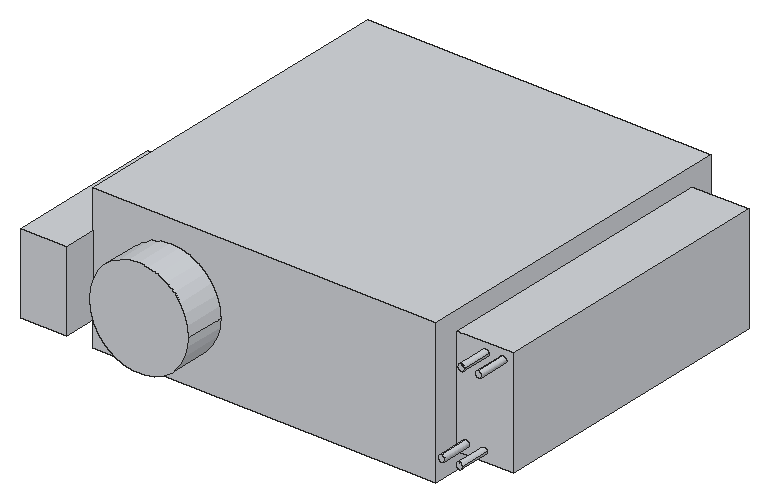
Revit family "ESTS-DOAS", category Mechanical Equipment, Revit 2018 (continued)
Types (364): name | Second Pipe H | Row F | Induction D | Induct Filter D | Induct Center D | Induct Center C | Inlet Left | Inlet Right | Filter RH | Filter LH | Discharge Height "Y" | Discharge Width "X" | Width | URL | Radius | Model | Length | Height | Duct Inlet | Diameter | Description | Connector for 6ROW RS | Connector for 6ROW LS | Connect Length | Connect H
  ESTS/DOAS 1/2-hp - 06R W/6ROW & Filter | 4 1/8" | 8" | 33" | 33 3/4" | 20" | 9" | no | yes | no | yes | 12" | 14" | 40" | "https://www.anemostat-hvac.com" | 2 15/16" | "ESTS/DOAS" | 40" | 18" | 2 31/32" | 5 7/8" | "DOAS SERIES FAN POWERED AIR TERMINAL" | no | yes | 4 1/2" | 1 7/16"
  ESTS/DOAS 1/2-hp - 06R W/4ROW NO Filter | 2 1/8" | 6" | 33" | 33 3/4" | 20" | 9" | no | yes | no | no | 12" | 14" | 40" | "https://www.anemostat-hvac.com" | 2 15/16" | "ESTS/DOAS" | 40" | 18" | 2 31/32" | 5 7/8" | "DOAS SERIES FAN POWERED AIR TERMINAL" | no | no | 4 1/2" | 1 7/16"
  ESTS/DOAS 1/2-hp - 06R W/6ROW NO Filter | 4 1/8" | 8" | 33" | 33 3/4" | 20" | 9" | no | yes | no | no | 12" | 14" | 40" | "https://www.anemostat-hvac.com" | 2 15/16" | "ESTS/DOAS" | 40" | 18" | 2 31/32" | 5 7/8" | "DOAS SERIES FAN POWERED AIR TERMINAL" | no | yes | 4 1/2" | 1 7/16"
  ESTS/DOAS 1/2-hp - 07L W/4ROW & Filter | 2 1/8" | 6" | 33" | 33 3/4" | 20" | 9" | yes | no | yes | no | 12" | 14" | 40" | "https://www.anemostat-hvac.com" | 3 7/16" | "ESTS/DOAS" | 40" | 18" | 3 15/32" | 6 7/8" | "DOAS SERIES FAN POWERED AIR TERMINAL" | no | no | 4 1/2" | 1 7/16"
  ESTS/DOAS 1/2-hp - 07L W/6ROW & Filter | 4 1/8" | 8" | 33" | 33 3/4" | 20" | 9" | yes | no | yes | no | 12" | 14" | 40" | "https://www.anemostat-hvac.com" | 3 7/16" | "ESTS/DOAS" | 40" | 18" | 3 15/32" | 6 7/8" | "DOAS SERIES FAN POWERED AIR TERMINAL" | yes | no | 4 1/2" | 1 7/16"
  ESTS/DOAS 1/2-hp - 07L W/4ROW NO Filter | 2 1/8" | 6" | 33" | 33 3/4" | 20" | 9" | yes | no | no | no | 12" | 14" | 40" | "https://www.anemostat-hvac.com" | 3 7/16" | "ESTS/DOAS" | 40" | 18" | 3 15/32" | 6 7/8" | "DOAS SERIES FAN POWERED AIR TERMINAL" | no | no | 4 1/2" | 1 7/16"
  ESTS/DOAS 1/2-hp - 07L W/6ROW NO Filter | 4 1/8" | 8" | 33" | 33 3/4" | 20" | 9" | yes | no | no | no | 12" | 14" | 40" | "https://www.anemostat-hvac.com" | 3 7/16" | "ESTS/DOAS" | 40" | 18" | 3 15/32" | 6 7/8" | "DOAS SERIES FAN POWERED AIR TERMINAL" | yes | no | 4 1/2" | 1 7/16"
  ESTS/DOAS 1/2-hp - 07R W/4ROW & Filter | 2 1/8" | 6" | 33" | 33 3/4" | 20" | 9" | no | yes | no | yes | 12" | 14" | 40" | "https://www.anemostat-hvac.com" | 3 7/16" | "ESTS/DOAS" | 40" | 18" | 3 15/32" | 6 7/8" | "DOAS SERIES FAN POWERED AIR TERMINAL" | no | no | 4 1/2" | 1 7/16"
  ESTS/DOAS 1/2-hp - 07R W/6ROW & Filter | 4 1/8" | 8" | 33" | 33 3/4" | 20" | 9" | no | yes | no | yes | 12" | 14" | 40" | "https://www.anemostat-hvac.com" | 3 7/16" | "ESTS/DOAS" | 40" | 18" | 3 15/32" | 6 7/8" | "DOAS SERIES FAN POWERED AIR TERMINAL" | no | yes | 4 1/2" | 1 7/16"
  ESTS/DOAS 1/2-hp - 07R W/4ROW NO Filter | 2 1/8" | 6" | 33" | 33 3/4" | 20" | 9" | no | yes | no | no | 12" | 14" | 40" | "https://www.anemostat-hvac.com" | 3 7/16" | "ESTS/DOAS" | 40" | 18" | 3 15/32" | 6 7/8" | "DOAS SERIES FAN POWERED AIR TERMINAL" | no | no | 4 1/2" | 1 7/16"
  ESTS/DOAS 1/2-hp - 07R W/6ROW NO Filter | 4 1/8" | 8" | 33" | 33 3/4" | 20" | 9" | no | yes | no | no | 12" | 14" | 40" | "https://www.anemostat-hvac.com" | 3 7/16" | "ESTS/DOAS" | 40" | 18" | 3 15/32" | 6 7/8" | "DOAS SERIES FAN POWERED AIR TERMINAL" | no | yes | 4 1/2" | 1 7/16"
  ESTS/DOAS 1/2-hp - 08L W/4ROW & Filter | 2 1/8" | 6" | 33" | 33 3/4" | 20" | 9" | yes | no | yes | no | 12" | 14" | 40" | "https://www.anemostat-hvac.com" | 3 15/16" | "ESTS/DOAS" | 40" | 18" | 3 31/32" | 7 7/8" | "DOAS SERIES FAN POWERED AIR TERMINAL" | no | no | 4 1/2" | 1 7/16"
  ESTS/DOAS 1/2-hp - 08L W/6ROW & Filter | 4 1/8" | 8" | 33" | 33 3/4" | 20" | 9" | yes | no | yes | no | 12" | 14" | 40" | "https://www.anemostat-hvac.com" | 3 15/16" | "ESTS/DOAS" | 40" | 18" | 3 31/32" | 7 7/8" | "DOAS SERIES FAN POWERED AIR TERMINAL" | yes | no | 4 1/2" | 1 7/16"
  ESTS/DOAS 1/2-hp - 08L W/4ROW NO Filter | 2 1/8" | 6" | 33" | 33 3/4" | 20" | 9" | yes | no | no | no | 12" | 14" | 40" | "https://www.anemostat-hvac.com" | 3 15/16" | "ESTS/DOAS" | 40" | 18" | 3 31/32" | 7 7/8" | "DOAS SERIES FAN POWERED AIR TERMINAL" | no | no | 4 1/2" | 1 7/16"
  ESTS/DOAS 1/2-hp - 08L W/6ROW NO Filter | 4 1/8" | 8" | 33" | 33 3/4" | 20" | 9" | yes | no | no | no | 12" | 14" | 40" | "https://www.anemostat-hvac.com" | 3 15/16" | "ESTS/DOAS" | 40" | 18" | 3 31/32" | 7 7/8" | "DOAS SERIES FAN POWERED AIR TERMINAL" | yes | no | 4 1/2" | 1 7/16"
  ESTS/DOAS 1/2-hp - 08R W/4ROW & Filter | 2 1/8" | 6" | 33" | 33 3/4" | 20" | 9" | no | yes | no | yes | 12" | 14" | 40" | "https://www.anemostat-hvac.com" | 3 15/16" | "ESTS/DOAS" | 40" | 18" | 3 31/32" | 7 7/8" | "DOAS SERIES FAN POWERED AIR TERMINAL" | no | no | 4 1/2" | 1 7/16"
  ESTS/DOAS 1/2-hp - 08R W/6ROW & Filter | 4 1/8" | 8" | 33" | 33 3/4" | 20" | 9" | no | yes | no | yes | 12" | 14" | 40" | "https://www.anemostat-hvac.com" | 3 15/16" | "ESTS/DOAS" | 40" | 18" | 3 31/32" | 7 7/8" | "DOAS SERIES FAN POWERED AIR TERMINAL" | no | yes | 4 1/2" | 1 7/16"
  ESTS/DOAS 1/2-hp - 08R W/4ROW NO Filter | 2 1/8" | 6" | 33" | 33 3/4" | 20" | 9" | no | yes | no | no | 12" | 14" | 40" | "https://www.anemostat-hvac.com" | 3 15/16" | "ESTS/DOAS" | 40" | 18" | 3 31/32" | 7 7/8" | "DOAS SERIES FAN POWERED AIR TERMINAL" | no | no | 4 1/2" | 1 7/16"
  ESTS/DOAS 1/2-hp - 08R W/6ROW NO Filter | 4 1/8" | 8" | 33" | 33 3/4" | 20" | 9" | no | yes | no | no | 12" | 14" | 40" | "https://www.anemostat-hvac.com" | 3 15/16" | "ESTS/DOAS" | 40" | 18" | 3 31/32" | 7 7/8" | "DOAS SERIES FAN POWERED AIR TERMINAL" | no | no | 4 1/2" | 1 7/16"
  ESTS/DOAS 1/2-hp - 09L W/4ROW & Filter | 2 1/8" | 6" | 33" | 33 3/4" | 20" | 9" | yes | no | yes | no | 12" | 14" | 40" | "https://www.anemostat-hvac.com" | 4 7/16" | "ESTS/DOAS" | 40" | 18" | 4 15/32" | 8 7/8" | "DOAS SERIES FAN POWERED AIR TERMINAL" | no | no | 4 1/2" | 1 7/16"
  ESTS/DOAS 1/2-hp - 09L W/6ROW & Filter | 4 1/8" | 8" | 33" | 33 3/4" | 20" | 9" | yes | no | yes | no | 12" | 14" | 40" | "https://www.anemostat-hvac.com" | 4 7/16" | "ESTS/DOAS" | 40" | 18" | 4 15/32" | 8 7/8" | "DOAS SERIES FAN POWERED AIR TERMINAL" | yes | no | 4 1/2" | 1 7/16"
  ESTS/DOAS 1/2-hp - 09L W/4ROW NO Filter | 2 1/8" | 6" | 33" | 33 3/4" | 20" | 9" | yes | no | no | no | 12" | 14" | 40" | "https://www.anemostat-hvac.com" | 4 7/16" | "ESTS/DOAS" | 40" | 18" | 4 15/32" | 8 7/8" | "DOAS SERIES FAN POWERED AIR TERMINAL" | no | no | 4 1/2" | 1 7/16"
  ESTS/DOAS 1/2-hp - 09L W/6ROW NO Filter | 4 1/8" | 8" | 33" | 33 3/4" | 20" | 9" | yes | no | no | no | 12" | 14" | 40" | "https://www.anemostat-hvac.com" | 4 7/16" | "ESTS/DOAS" | 40" | 18" | 4 15/32" | 8 7/8" | "DOAS SERIES FAN POWERED AIR TERMINAL" | yes | no | 4 1/2" | 1 7/16"
  ESTS/DOAS 1/2-hp - 09R W/4ROW & Filter | 2 1/8" | 6" | 33" | 33 3/4" | 20" | 9" | no | yes | no | yes | 12" | 14" | 40" | "https://www.anemostat-hvac.com" | 4 7/16" | "ESTS/DOAS" | 40" | 18" | 4 15/32" | 8 7/8" | "DOAS SERIES FAN POWERED AIR TERMINAL" | no | no | 4 1/2" | 1 7/16"
  ESTS/DOAS 1/2-hp - 09R W/6ROW & Filter | 4 1/8" | 8" | 33" | 33 3/4" | 20" | 9" | no | yes | no | yes | 12" | 14" | 40" | "https://www.anemostat-hvac.com" | 4 7/16" | "ESTS/DOAS" | 40" | 18" | 4 15/32" | 8 7/8" | "DOAS SERIES FAN POWERED AIR TERMINAL" | no | yes | 4 1/2" | 1 7/16"
  ESTS/DOAS 1/2-hp - 09R W/4ROW NO Filter | 2 1/8" | 6" | 33" | 33 3/4" | 20" | 9" | no | yes | no | no | 12" | 14" | 40" | "https://www.anemostat-hvac.com" | 4 7/16" | "ESTS/DOAS" | 40" | 18" | 4 15/32" | 8 7/8" | "DOAS SERIES FAN POWERED AIR TERMINAL" | no | no | 4 1/2" | 1 7/16"
  ESTS/DOAS 1/2-hp - 09R W/6ROW NO Filter | 4 1/8" | 8" | 33" | 33 3/4" | 20" | 9" | no | yes | no | no | 12" | 14" | 40" | "https://www.anemostat-hvac.com" | 4 7/16" | "ESTS/DOAS" | 40" | 18" | 4 15/32" | 8 7/8" | "DOAS SERIES FAN POWERED AIR TERMINAL" | no | yes | 4 1/2" | 1 7/16"
  ESTS/DOAS 1/2-hp - 10L W/4ROW & Filter | 2 1/8" | 6" | 33" | 33 3/4" | 20" | 9" | yes | no | yes | no | 12" | 14" | 40" | "https://www.anemostat-hvac.com" | 4 15/16" | "ESTS/DOAS" | 40" | 18" | 4 31/32" | 9 7/8" | "DOAS SERIES FAN POWERED AIR TERMINAL" | no | no | 4 1/2" | 1 7/16"
  ESTS/DOAS 1/2-hp - 10L W/6ROW & Filter | 4 1/8" | 8" | 33" | 33 3/4" | 20" | 9" | yes | no | yes | no | 12" | 14" | 40" | "https://www.anemostat-hvac.com" | 4 15/16" | "ESTS/DOAS" | 40" | 18" | 4 31/32" | 9 7/8" | "DOAS SERIES FAN POWERED AIR TERMINAL" | yes | no | 4 1/2" | 1 7/16"
  ESTS/DOAS 1/2-hp - 10L W/4ROW NO Filter | 2 1/8" | 6" | 33" | 33 3/4" | 20" | 9" | yes | no | no | no | 12" | 14" | 40" | "https://www.anemostat-hvac.com" | 4 15/16" | "ESTS/DOAS" | 40" | 18" | 4 31/32" | 9 7/8" | "DOAS SERIES FAN POWERED AIR TERMINAL" | no | no | 4 1/2" | 1 7/16"
  ESTS/DOAS 1/2-hp - 10L W/6ROW NO Filter | 4 1/8" | 8" | 33" | 33 3/4" | 20" | 9" | yes | no | no | no | 12" | 14" | 40" | "https://www.anemostat-hvac.com" | 4 15/16" | "ESTS/DOAS" | 40" | 18" | 4 31/32" | 9 7/8" | "DOAS SERIES FAN POWERED AIR TERMINAL" | yes | no | 4 1/2" | 1 7/16"
  ESTS/DOAS 1/2-hp - 10R W/4ROW & Filter | 2 1/8" | 6" | 33" | 33 3/4" | 20" | 9" | no | yes | no | yes | 12" | 14" | 40" | "https://www.anemostat-hvac.com" | 4 15/16" | "ESTS/DOAS" | 40" | 18" | 4 31/32" | 9 7/8" | "DOAS SERIES FAN POWERED AIR TERMINAL" | no | no | 4 1/2" | 1 7/16"
  ESTS/DOAS 1/2-hp - 10R W/6ROW & Filter | 4 1/8" | 8" | 33" | 33 3/4" | 20" | 9" | no | yes | no | yes | 12" | 14" | 40" | "https://www.anemostat-hvac.com" | 4 15/16" | "ESTS/DOAS" | 40" | 18" | 4 31/32" | 9 7/8" | "DOAS SERIES FAN POWERED AIR TERMINAL" | no | yes | 4 1/2" | 1 7/16"
  ESTS/DOAS 1/2-hp - 10R W/4ROW NO Filter | 2 1/8" | 6" | 33" | 33 3/4" | 20" | 9" | no | yes | no | no | 12" | 14" | 40" | "https://www.anemostat-hvac.com" | 4 15/16" | "ESTS/DOAS" | 40" | 18" | 4 31/32" | 9 7/8" | "DOAS SERIES FAN POWERED AIR TERMINAL" | no | no | 4 1/2" | 1 7/16"
  ESTS/DOAS 1/2-hp - 10R W/6ROW NO Filter | 4 1/8" | 8" | 33" | 33 3/4" | 20" | 9" | no | yes | no | no | 12" | 14" | 40" | "https://www.anemostat-hvac.com" | 4 15/16" | "ESTS/DOAS" | 40" | 18" | 4 31/32" | 9 7/8" | "DOAS SERIES FAN POWERED AIR TERMINAL" | no | yes | 4 1/2" | 1 7/16"
  ESTS/DOAS 1/2-hp - 12L W/4ROW & Filter | 2 1/8" | 6" | 33" | 33 3/4" | 20" | 9" | yes | no | yes | no | 12" | 14" | 40" | "https://www.anemostat-hvac.com" | 5 15/16" | "ESTS/DOAS" | 40" | 18" | 5 31/32" | 11 7/8" | "DOAS SERIES FAN POWERED AIR TERMINAL" | no | no | 4 1/2" | 1 7/16"
  ESTS/DOAS 1/2-hp - 12L W/6ROW & Filter | 4 1/8" | 8" | 33" | 33 3/4" | 20" | 9" | yes | no | yes | no | 12" | 14" | 40" | "https://www.anemostat-hvac.com" | 5 15/16" | "ESTS/DOAS" | 40" | 18" | 5 31/32" | 11 7/8" | "DOAS SERIES FAN POWERED AIR TERMINAL" | yes | no | 4 1/2" | 1 7/16"
  ESTS/DOAS 1/2-hp - 12L W/4ROW NO Filter | 2 1/8" | 6" | 33" | 33 3/4" | 20" | 9" | yes | no | no | no | 12" | 14" | 40" | "https://www.anemostat-hvac.com" | 5 15/16" | "ESTS/DOAS" | 40" | 18" | 5 31/32" | 11 7/8" | "DOAS SERIES FAN POWERED AIR TERMINAL" | no | no | 4 1/2" | 1 7/16"
  ESTS/DOAS 1/2-hp - 12L W/6ROW NO Filter | 4 1/8" | 8" | 33" | 33 3/4" | 20" | 9" | yes | no | no | no | 12" | 14" | 40" | "https://www.anemostat-hvac.com" | 5 15/16" | "ESTS/DOAS" | 40" | 18" | 5 31/32" | 11 7/8" | "DOAS SERIES FAN POWERED AIR TERMINAL" | yes | no | 4 1/2" | 1 7/16"
  ESTS/DOAS 1/2-hp - 12R W/4ROW & Filter | 2 1/8" | 6" | 33" | 33 3/4" | 20" | 9" | no | yes | no | yes | 12" | 14" | 40" | "https://www.anemostat-hvac.com" | 5 15/16" | "ESTS/DOAS" | 40" | 18" | 5 31/32" | 11 7/8" | "DOAS SERIES FAN POWERED AIR TERMINAL" | no | no | 4 1/2" | 1 7/16"
  ESTS/DOAS 1/2-hp - 12R W/6ROW & Filter | 4 1/8" | 8" | 33" | 33 3/4" | 20" | 9" | no | yes | no | yes | 12" | 14" | 40" | "https://www.anemostat-hvac.com" | 5 15/16" | "ESTS/DOAS" | 40" | 18" | 5 31/32" | 11 7/8" | "DOAS SERIES FAN POWERED AIR TERMINAL" | no | yes | 4 1/2" | 1 7/16"
  ESTS/DOAS 1/2-hp - 12R W/4ROW NO Filter | 2 1/8" | 6" | 33" | 33 3/4" | 20" | 9" | no | yes | no | no | 12" | 14" | 40" | "https://www.anemostat-hvac.com" | 5 15/16" | "ESTS/DOAS" | 40" | 18" | 5 31/32" | 11 7/8" | "DOAS SERIES FAN POWERED AIR TERMINAL" | no | no | 4 1/2" | 1 7/16"
  ESTS/DOAS 1/2-hp - 12R W/6ROW NO Filter | 4 1/8" | 8" | 33" | 33 3/4" | 20" | 9" | no | yes | no | no | 12" | 14" | 40" | "https://www.anemostat-hvac.com" | 5 15/16" | "ESTS/DOAS" | 40" | 18" | 5 31/32" | 11 7/8" | "DOAS SERIES FAN POWERED AIR TERMINAL" | no | yes | 4 1/2" | 1 7/16"
  ESTS/DOAS 1/2-hp - 14L W/4ROW & Filter | 2 1/8" | 6" | 33" | 33 3/4" | 20" | 9" | yes | no | yes | no | 12" | 14" | 40" | "https://www.anemostat-hvac.com" | 6 15/16" | "ESTS/DOAS" | 40" | 18" | 6 31/32" | 13 7/8" | "DOAS SERIES FAN POWERED AIR TERMINAL" | no | no | 4 1/2" | 1 7/16"
  ESTS/DOAS 1/2-hp - 14L W/6ROW & Filter | 4 1/8" | 8" | 33" | 33 3/4" | 20" | 9" | yes | no | yes | no | 12" | 14" | 40" | "https://www.anemostat-hvac.com" | 6 15/16" | "ESTS/DOAS" | 40" | 18" | 6 31/32" | 13 7/8" | "DOAS SERIES FAN POWERED AIR TERMINAL" | yes | no | 4 1/2" | 1 7/16"
  ESTS/DOAS 1/2-hp - 14L W/4ROW NO Filter | 2 1/8" | 6" | 33" | 33 3/4" | 20" | 9" | yes | no | no | no | 12" | 14" | 40" | "https://www.anemostat-hvac.com" | 6 15/16" | "ESTS/DOAS" | 40" | 18" | 6 31/32" | 13 7/8" | "DOAS SERIES FAN POWERED AIR TERMINAL" | no | no | 4 1/2" | 1 7/16"
  ESTS/DOAS 1/2-hp - 14L W/6ROW NO Filter | 4 1/8" | 8" | 33" | 33 3/4" | 20" | 9" | yes | no | no | no | 12" | 14" | 40" | "https://www.anemostat-hvac.com" | 6 15/16" | "ESTS/DOAS" | 40" | 18" | 6 31/32" | 13 7/8" | "DOAS SERIES FAN POWERED AIR TERMINAL" | yes | no | 4 1/2" | 1 7/16"
  ESTS/DOAS 1/2-hp - 14R W/4ROW & Filter | 2 1/8" | 6" | 33" | 33 3/4" | 20" | 9" | no | yes | no | yes | 12" | 14" | 40" | "https://www.anemostat-hvac.com" | 6 15/16" | "ESTS/DOAS" | 40" | 18" | 6 31/32" | 13 7/8" | "DOAS SERIES FAN POWERED AIR TERMINAL" | no | no | 4 1/2" | 1 7/16"
  ESTS/DOAS 1/2-hp - 14R W/6ROW & Filter | 4 1/8" | 8" | 33" | 33 3/4" | 20" | 9" | no | yes | no | yes | 12" | 14" | 40" | "https://www.anemostat-hvac.com" | 6 15/16" | "ESTS/DOAS" | 40" | 18" | 6 31/32" | 13 7/8" | "DOAS SERIES FAN POWERED AIR TERMINAL" | no | yes | 4 1/2" | 1 7/16"
  ESTS/DOAS 1/2-hp - 14R W/4ROW NO Filter | 2 1/8" | 6" | 33" | 33 3/4" | 20" | 9" | no | yes | no | no | 12" | 14" | 40" | "https://www.anemostat-hvac.com" | 6 15/16" | "ESTS/DOAS" | 40" | 18" | 6 31/32" | 13 7/8" | "DOAS SERIES FAN POWERED AIR TERMINAL" | no | no | 4 1/2" | 1 7/16"
  ESTS/DOAS 1/2-hp - 14R W/6ROW NO Filter | 4 1/8" | 8" | 33" | 33 3/4" | 20" | 9" | no | yes | no | no | 12" | 14" | 40" | "https://www.anemostat-hvac.com" | 6 15/16" | "ESTS/DOAS" | 40" | 18" | 6 31/32" | 13 7/8" | "DOAS SERIES FAN POWERED AIR TERMINAL" | no | yes | 4 1/2" | 1 7/16"
  ESTS/DOAS 1/3-hp - 05L W/4ROW & Filter | 2 1/8" | 6" | 29" | 29 3/4" | 18" | 9" | yes | no | yes | no | 11" | 11 1/2" | 32" | "https://www.anemostat-hvac.com" | 2 7/16" | "ESTS/DOAS" | 36" | 18" | 2 15/32" | 4 7/8" | "DOAS SERIES FAN POWERED AIR TERMINAL" | no | no | 4 1/2" | 1 7/16"
  ESTS/DOAS 1/3-hp - 05L W/6ROW & Filter | 4 1/8" | 8" | 29" | 29 3/4" | 18" | 9" | yes | no | yes | no | 11" | 11 1/2" | 32" | "https://www.anemostat-hvac.com" | 2 7/16" | "ESTS/DOAS" | 36" | 18" | 2 15/32" | 4 7/8" | "DOAS SERIES FAN POWERED AIR TERMINAL" | yes | no | 4 1/2" | 1 7/16"
  ESTS/DOAS 1/3-hp - 05L W/4ROW NO Filter | 2 1/8" | 6" | 29" | 29 3/4" | 18" | 9" | yes | no | no | no | 11" | 11 1/2" | 32" | "https://www.anemostat-hvac.com" | 2 7/16" | "ESTS/DOAS" | 36" | 18" | 2 15/32" | 4 7/8" | "DOAS SERIES FAN POWERED AIR TERMINAL" | no | no | 4 1/2" | 1 7/16"
  ESTS/DOAS 1/3-hp - 05L W/6ROW NO Filter | 4 1/8" | 8" | 29" | 29 3/4" | 18" | 9" | yes | no | no | no | 11" | 11 1/2" | 32" | "https://www.anemostat-hvac.com" | 2 7/16" | "ESTS/DOAS" | 36" | 18" | 2 15/32" | 4 7/8" | "DOAS SERIES FAN POWERED AIR TERMINAL" | yes | no | 4 1/2" | 1 7/16"
  ESTS/DOAS 1/3-hp - 05R W/4ROW & Filter | 2 1/8" | 6" | 29" | 29 3/4" | 18" | 9" | no | yes | no | yes | 11" | 11 1/2" | 32" | "https://www.anemostat-hvac.com" | 2 7/16" | "ESTS/DOAS" | 36" | 18" | 2 15/32" | 4 7/8" | "DOAS SERIES FAN POWERED AIR TERMINAL" | no | no | 4 1/2" | 1 7/16"
  ESTS/DOAS 1/3-hp - 05R W/6ROW & Filter | 4 1/8" | 8" | 29" | 29 3/4" | 18" | 9" | no | yes | no | yes | 11" | 11 1/2" | 32" | "https://www.anemostat-hvac.com" | 2 7/16" | "ESTS/DOAS" | 36" | 18" | 2 15/32" | 4 7/8" | "DOAS SERIES FAN POWERED AIR TERMINAL" | no | yes | 4 1/2" | 1 7/16"
  ESTS/DOAS 1/3-hp - 05R W/4ROW NO Filter | 2 1/8" | 6" | 29" | 29 3/4" | 18" | 9" | no | yes | no | no | 11" | 11 1/2" | 32" | "https://www.anemostat-hvac.com" | 2 7/16" | "ESTS/DOAS" | 36" | 18" | 2 15/32" | 4 7/8" | "DOAS SERIES FAN POWERED AIR TERMINAL" | no | no | 4 1/2" | 1 7/16"
  ESTS/DOAS 1/3-hp - 05R W/6ROW NO Filter | 4 1/8" | 8" | 29" | 29 3/4" | 18" | 9" | no | yes | no | no | 11" | 11 1/2" | 32" | "https://www.anemostat-hvac.com" | 2 7/16" | "ESTS/DOAS" | 36" | 18" | 2 15/32" | 4 7/8" | "DOAS SERIES FAN POWERED AIR TERMINAL" | no | yes | 4 1/2" | 1 7/16"
  ESTS/DOAS 1/3-hp - 06L W/4ROW & Filter | 2 1/8" | 6" | 29" | 29 3/4" | 18" | 9" | yes | no | yes | no | 11" | 11 1/2" | 32" | "https://www.anemostat-hvac.com" | 2 15/16" | "ESTS/DOAS" | 36" | 18" | 2 31/32" | 5 7/8" | "DOAS SERIES FAN POWERED AIR TERMINAL" | no | no | 4 1/2" | 1 7/16"
  ESTS/DOAS 1/3-hp - 06L W/6ROW & Filter | 4 1/8" | 8" | 29" | 29 3/4" | 18" | 9" | yes | no | yes | no | 11" | 11 1/2" | 32" | "https://www.anemostat-hvac.com" | 2 15/16" | "ESTS/DOAS" | 36" | 18" | 2 31/32" | 5 7/8" | "DOAS SERIES FAN POWERED AIR TERMINAL" | yes | no | 4 1/2" | 1 7/16"
  ESTS/DOAS 1/3-hp - 06L W/4ROW NO Filter | 2 1/8" | 6" | 29" | 29 3/4" | 18" | 9" | yes | no | no | no | 11" | 11 1/2" | 32" | "https://www.anemostat-hvac.com" | 2 15/16" | "ESTS/DOAS" | 36" | 18" | 2 31/32" | 5 7/8" | "DOAS SERIES FAN POWERED AIR TERMINAL" | no | no | 4 1/2" | 1 7/16"
  ESTS/DOAS 1/3-hp - 06L W/6ROW NO Filter | 4 1/8" | 8" | 29" | 29 3/4" | 18" | 9" | yes | no | no | no | 11" | 11 1/2" | 32" | "https://www.anemostat-hvac.com" | 2 15/16" | "ESTS/DOAS" | 36" | 18" | 2 31/32" | 5 7/8" | "DOAS SERIES FAN POWERED AIR TERMINAL" | yes | no | 4 1/2" | 1 7/16"
  ESTS/DOAS 1/3-hp - 06R W/4ROW & Filter | 2 1/8" | 6" | 29" | 29 3/4" | 18" | 9" | no | yes | no | yes | 11" | 11 1/2" | 32" | "https://www.anemostat-hvac.com" | 2 15/16" | "ESTS/DOAS" | 36" | 18" | 2 31/32" | 5 7/8" | "DOAS SERIES FAN POWERED AIR TERMINAL" | no | no | 4 1/2" | 1 7/16"
  ESTS/DOAS 1/3-hp - 06R W/6ROW & Filter | 4 1/8" | 8" | 29" | 29 3/4" | 18" | 9" | no | yes | no | yes | 11" | 11 1/2" | 32" | "https://www.anemostat-hvac.com" | 2 15/16" | "ESTS/DOAS" | 36" | 18" | 2 31/32" | 5 7/8" | "DOAS SERIES FAN POWERED AIR TERMINAL" | no | yes | 4 1/2" | 1 7/16"
  ESTS/DOAS 1/3-hp - 06R W/4ROW NO Filter | 2 1/8" | 6" | 29" | 29 3/4" | 18" | 9" | no | yes | no | no | 11" | 11 1/2" | 32" | "https://www.anemostat-hvac.com" | 2 15/16" | "ESTS/DOAS" | 36" | 18" | 2 31/32" | 5 7/8" | "DOAS SERIES FAN POWERED AIR TERMINAL" | no | no | 4 1/2" | 1 7/16"
  ESTS/DOAS 1/3-hp - 06R W/6ROW NO Filter | 4 1/8" | 8" | 29" | 29 3/4" | 18" | 9" | no | yes | no | no | 11" | 11 1/2" | 32" | "https://www.anemostat-hvac.com" | 2 15/16" | "ESTS/DOAS" | 36" | 18" | 2 31/32" | 5 7/8" | "DOAS SERIES FAN POWERED AIR TERMINAL" | no | yes | 4 1/2" | 1 7/16"
  ESTS/DOAS 1/3-hp - 07L W/4ROW & Filter | 2 1/8" | 6" | 29" | 29 3/4" | 18" | 9" | yes | no | yes | no | 11" | 11 1/2" | 32" | "https://www.anemostat-hvac.com" | 3 7/16" | "ESTS/DOAS" | 36" | 18" | 3 15/32" | 6 7/8" | "DOAS SERIES FAN POWERED AIR TERMINAL" | no | no | 4 1/2" | 1 7/16"
  ESTS/DOAS 1/3-hp - 07L W/6ROW & Filter | 4 1/8" | 8" | 29" | 29 3/4" | 18" | 9" | yes | no | yes | no | 11" | 11 1/2" | 32" | "https://www.anemostat-hvac.com" | 3 7/16" | "ESTS/DOAS" | 36" | 18" | 3 15/32" | 6 7/8" | "DOAS SERIES FAN POWERED AIR TERMINAL" | yes | no | 4 1/2" | 1 7/16"
  ESTS/DOAS 1/3-hp - 07L W/4ROW NO Filter | 2 1/8" | 6" | 29" | 29 3/4" | 18" | 9" | yes | no | no | no | 11" | 11 1/2" | 32" | "https://www.anemostat-hvac.com" | 3 7/16" | "ESTS/DOAS" | 36" | 18" | 3 15/32" | 6 7/8" | "DOAS SERIES FAN POWERED AIR TERMINAL" | no | no | 4 1/2" | 1 7/16"
  ESTS/DOAS 1/3-hp - 07L W/6ROW NO Filter | 4 1/8" | 8" | 29" | 29 3/4" | 18" | 9" | yes | no | no | no | 11" | 11 1/2" | 32" | "https://www.anemostat-hvac.com" | 3 7/16" | "ESTS/DOAS" | 36" | 18" | 3 15/32" | 6 7/8" | "DOAS SERIES FAN POWERED AIR TERMINAL" | yes | no | 4 1/2" | 1 7/16"
  ESTS/DOAS 1/3-hp - 07R W/4ROW & Filter | 2 1/8" | 6" | 29" | 29 3/4" | 18" | 9" | no | yes | no | yes | 11" | 11 1/2" | 32" | "https://www.anemostat-hvac.com" | 3 7/16" | "ESTS/DOAS" | 36" | 18" | 3 15/32" | 6 7/8" | "DOAS SERIES FAN POWERED AIR TERMINAL" | no | no | 4 1/2" | 1 7/16"
  ESTS/DOAS 1/3-hp - 07R W/6ROW & Filter | 4 1/8" | 8" | 29" | 29 3/4" | 18" | 9" | no | yes | no | yes | 11" | 11 1/2" | 32" | "https://www.anemostat-hvac.com" | 3 7/16" | "ESTS/DOAS" | 36" | 18" | 3 15/32" | 6 7/8" | "DOAS SERIES FAN POWERED AIR TERMINAL" | no | yes | 4 1/2" | 1 7/16"
  ESTS/DOAS 1/3-hp - 07R W/4ROW NO Filter | 2 1/8" | 6" | 29" | 29 3/4" | 18" | 9" | no | yes | no | no | 11" | 11 1/2" | 32" | "https://www.anemostat-hvac.com" | 3 7/16" | "ESTS/DOAS" | 36" | 18" | 3 15/32" | 6 7/8" | "DOAS SERIES FAN POWERED AIR TERMINAL" | no | no | 4 1/2" | 1 7/16"
  ESTS/DOAS 1/3-hp - 07R W/6ROW NO Filter | 4 1/8" | 8" | 29" | 29 3/4" | 18" | 9" | no | yes | no | no | 11" | 11 1/2" | 32" | "https://www.anemostat-hvac.com" | 3 7/16" | "ESTS/DOAS" | 36" | 18" | 3 15/32" | 6 7/8" | "DOAS SERIES FAN POWERED AIR TERMINAL" | no | yes | 4 1/2" | 1 7/16"
  ESTS/DOAS 1/3-hp - 08L W/4ROW & Filter | 2 1/8" | 6" | 29" | 29 3/4" | 18" | 9" | yes | no | yes | no | 11" | 11 1/2" | 32" | "https://www.anemostat-hvac.com" | 3 15/16" | "ESTS/DOAS" | 36" | 18" | 3 31/32" | 7 7/8" | "DOAS SERIES FAN POWERED AIR TERMINAL" | no | no | 4 1/2" | 1 7/16"
  ESTS/DOAS 1/3-hp - 08L W/6ROW & Filter | 4 1/8" | 8" | 29" | 29 3/4" | 18" | 9" | yes | no | yes | no | 11" | 11 1/2" | 32" | "https://www.anemostat-hvac.com" | 3 15/16" | "ESTS/DOAS" | 36" | 18" | 3 31/32" | 7 7/8" | "DOAS SERIES FAN POWERED AIR TERMINAL" | yes | no | 4 1/2" | 1 7/16"
  ESTS/DOAS 1/3-hp - 08L W/4ROW NO Filter | 2 1/8" | 6" | 29" | 29 3/4" | 18" | 9" | yes | no | no | no | 11" | 11 1/2" | 32" | "https://www.anemostat-hvac.com" | 3 15/16" | "ESTS/DOAS" | 36" | 18" | 3 31/32" | 7 7/8" | "DOAS SERIES FAN POWERED AIR TERMINAL" | no | no | 4 1/2" | 1 7/16"
  ESTS/DOAS 1/3-hp - 08L W/6ROW NO Filter | 4 1/8" | 8" | 29" | 29 3/4" | 18" | 9" | yes | no | no | no | 11" | 11 1/2" | 32" | "https://www.anemostat-hvac.com" | 3 15/16" | "ESTS/DOAS" | 36" | 18" | 3 31/32" | 7 7/8" | "DOAS SERIES FAN POWERED AIR TERMINAL" | yes | no | 4 1/2" | 1 7/16"
  ESTS/DOAS 1/3-hp - 08R W/4ROW & Filter | 2 1/8" | 6" | 29" | 29 3/4" | 18" | 9" | no | yes | no | yes | 11" | 11 1/2" | 32" | "https://www.anemostat-hvac.com" | 3 15/16" | "ESTS/DOAS" | 36" | 18" | 3 31/32" | 7 7/8" | "DOAS SERIES FAN POWERED AIR TERMINAL" | no | no | 4 1/2" | 1 7/16"
  ESTS/DOAS 1/3-hp - 08R W/6ROW & Filter | 4 1/8" | 8" | 29" | 29 3/4" | 18" | 9" | no | yes | no | yes | 11" | 11 1/2" | 32" | "https://www.anemostat-hvac.com" | 3 15/16" | "ESTS/DOAS" | 36" | 18" | 3 31/32" | 7 7/8" | "DOAS SERIES FAN POWERED AIR TERMINAL" | no | yes | 4 1/2" | 1 7/16"
  ESTS/DOAS 1/3-hp - 08R W/4ROW NO Filter | 2 1/8" | 6" | 29" | 29 3/4" | 18" | 9" | no | yes | no | no | 11" | 11 1/2" | 32" | "https://www.anemostat-hvac.com" | 3 15/16" | "ESTS/DOAS" | 36" | 18" | 3 31/32" | 7 7/8" | "DOAS SERIES FAN POWERED AIR TERMINAL" | no | no | 4 1/2" | 1 7/16"
  ESTS/DOAS 1/3-hp - 08R W/6ROW NO Filter | 4 1/8" | 8" | 29" | 29 3/4" | 18" | 9" | no | yes | no | no | 11" | 11 1/2" | 32" | "https://www.anemostat-hvac.com" | 3 15/16" | "ESTS/DOAS" | 36" | 18" | 3 31/32" | 7 7/8" | "DOAS SERIES FAN POWERED AIR TERMINAL" | no | yes | 4 1/2" | 1 7/16"
  ESTS/DOAS 1/3-hp - 09L W/4ROW & Filter | 2 1/8" | 6" | 29" | 29 3/4" | 18" | 9" | yes | no | yes | no | 11" | 11 1/2" | 32" | "https://www.anemostat-hvac.com" | 4 7/16" | "ESTS/DOAS" | 36" | 18" | 4 15/32" | 8 7/8" | "DOAS SERIES FAN POWERED AIR TERMINAL" | no | no | 4 1/2" | 1 7/16"
  ESTS/DOAS 1/3-hp - 09L W/6ROW & Filter | 4 1/8" | 8" | 29" | 29 3/4" | 18" | 9" | yes | no | yes | no | 11" | 11 1/2" | 32" | "https://www.anemostat-hvac.com" | 4 7/16" | "ESTS/DOAS" | 36" | 18" | 4 15/32" | 8 7/8" | "DOAS SERIES FAN POWERED AIR TERMINAL" | yes | no | 4 1/2" | 1 7/16"
  ESTS/DOAS 1/3-hp - 09L W/4ROW NO Filter | 2 1/8" | 6" | 29" | 29 3/4" | 18" | 9" | yes | no | no | no | 11" | 11 1/2" | 32" | "https://www.anemostat-hvac.com" | 4 7/16" | "ESTS/DOAS" | 36" | 18" | 4 15/32" | 8 7/8" | "DOAS SERIES FAN POWERED AIR TERMINAL" | no | no | 4 1/2" | 1 7/16"
  ESTS/DOAS 1/3-hp - 09L W/6ROW NO Filter | 4 1/8" | 8" | 29" | 29 3/4" | 18" | 9" | yes | no | no | no | 11" | 11 1/2" | 32" | "https://www.anemostat-hvac.com" | 4 7/16" | "ESTS/DOAS" | 36" | 18" | 4 15/32" | 8 7/8" | "DOAS SERIES FAN POWERED AIR TERMINAL" | yes | no | 4 1/2" | 1 7/16"
  ESTS/DOAS 1/3-hp - 09R W/4ROW & Filter | 2 1/8" | 6" | 29" | 29 3/4" | 18" | 9" | no | yes | no | yes | 11" | 11 1/2" | 32" | "https://www.anemostat-hvac.com" | 4 7/16" | "ESTS/DOAS" | 36" | 18" | 4 15/32" | 8 7/8" | "DOAS SERIES FAN POWERED AIR TERMINAL" | no | no | 4 1/2" | 1 7/16"
  ESTS/DOAS 1/3-hp - 09R W/6ROW & Filter | 4 1/8" | 8" | 29" | 29 3/4" | 18" | 9" | no | yes | no | yes | 11" | 11 1/2" | 32" | "https://www.anemostat-hvac.com" | 4 7/16" | "ESTS/DOAS" | 36" | 18" | 4 15/32" | 8 7/8" | "DOAS SERIES FAN POWERED AIR TERMINAL" | no | yes | 4 1/2" | 1 7/16"
  ESTS/DOAS 1/3-hp - 09R W/4ROW NO Filter | 2 1/8" | 6" | 29" | 29 3/4" | 18" | 9" | no | yes | no | no | 11" | 11 1/2" | 32" | "https://www.anemostat-hvac.com" | 4 7/16" | "ESTS/DOAS" | 36" | 18" | 4 15/32" | 8 7/8" | "DOAS SERIES FAN POWERED AIR TERMINAL" | no | no | 4 1/2" | 1 7/16"
  ESTS/DOAS 1/3-hp - 09R W/6ROW NO Filter | 4 1/8" | 8" | 29" | 29 3/4" | 18" | 9" | no | yes | no | no | 11" | 11 1/2" | 32" | "https://www.anemostat-hvac.com" | 4 7/16" | "ESTS/DOAS" | 36" | 18" | 4 15/32" | 8 7/8" | "DOAS SERIES FAN POWERED AIR TERMINAL" | no | yes | 4 1/2" | 1 7/16"
  ESTS/DOAS 1/3-hp - 10L W/4ROW & Filter | 2 1/8" | 6" | 29" | 29 3/4" | 18" | 9" | yes | no | yes | no | 11" | 11 1/2" | 32" | "https://www.anemostat-hvac.com" | 4 15/16" | "ESTS/DOAS" | 36" | 18" | 4 31/32" | 9 7/8" | "DOAS SERIES FAN POWERED AIR TERMINAL" | no | no | 4 1/2" | 1 7/16"
  ESTS/DOAS 1/3-hp - 10L W/6ROW & Filter | 4 1/8" | 8" | 29" | 29 3/4" | 18" | 9" | yes | no | yes | no | 11" | 11 1/2" | 32" | "https://www.anemostat-hvac.com" | 4 15/16" | "ESTS/DOAS" | 36" | 18" | 4 31/32" | 9 7/8" | "DOAS SERIES FAN POWERED AIR TERMINAL" | yes | no | 4 1/2" | 1 7/16"
  ESTS/DOAS 1/3-hp - 10L W/4ROW NO Filter | 2 1/8" | 6" | 29" | 29 3/4" | 18" | 9" | yes | no | no | no | 11" | 11 1/2" | 32" | "https://www.anemostat-hvac.com" | 4 15/16" | "ESTS/DOAS" | 36" | 18" | 4 31/32" | 9 7/8" | "DOAS SERIES FAN POWERED AIR TERMINAL" | no | no | 4 1/2" | 1 7/16"
  ESTS/DOAS 1/3-hp - 10L W/6ROW NO Filter | 4 1/8" | 8" | 29" | 29 3/4" | 18" | 9" | yes | no | no | no | 11" | 11 1/2" | 32" | "https://www.anemostat-hvac.com" | 4 15/16" | "ESTS/DOAS" | 36" | 18" | 4 31/32" | 9 7/8" | "DOAS SERIES FAN POWERED AIR TERMINAL" | yes | no | 4 1/2" | 1 7/16"
  ESTS/DOAS 1/3-hp - 10R W/4ROW & Filter | 2 1/8" | 6" | 29" | 29 3/4" | 18" | 9" | no | yes | no | yes | 11" | 11 1/2" | 32" | "https://www.anemostat-hvac.com" | 4 15/16" | "ESTS/DOAS" | 36" | 18" | 4 31/32" | 9 7/8" | "DOAS SERIES FAN POWERED AIR TERMINAL" | no | no | 4 1/2" | 1 7/16"
  ESTS/DOAS 1/3-hp - 10R W/6ROW & Filter | 4 1/8" | 8" | 29" | 29 3/4" | 18" | 9" | no | yes | no | yes | 11" | 11 1/2" | 32" | "https://www.anemostat-hvac.com" | 4 15/16" | "ESTS/DOAS" | 36" | 18" | 4 31/32" | 9 7/8" | "DOAS SERIES FAN POWERED AIR TERMINAL" | no | yes | 4 1/2" | 1 7/16"
  ESTS/DOAS 1/3-hp - 10R W/4ROW NO Filter | 2 1/8" | 6" | 29" | 29 3/4" | 18" | 9" | no | yes | no | no | 11" | 11 1/2" | 32" | "https://www.anemostat-hvac.com" | 4 15/16" | "ESTS/DOAS" | 36" | 18" | 4 31/32" | 9 7/8" | "DOAS SERIES FAN POWERED AIR TERMINAL" | no | no | 4 1/2" | 1 7/16"
  ESTS/DOAS 1/3-hp - 10R W/6ROW NO Filter | 4 1/8" | 8" | 29" | 29 3/4" | 18" | 9" | no | yes | no | no | 11" | 11 1/2" | 32" | "https://www.anemostat-hvac.com" | 4 15/16" | "ESTS/DOAS" | 36" | 18" | 4 31/32" | 9 7/8" | "DOAS SERIES FAN POWERED AIR TERMINAL" | no | yes | 4 1/2" | 1 7/16"
